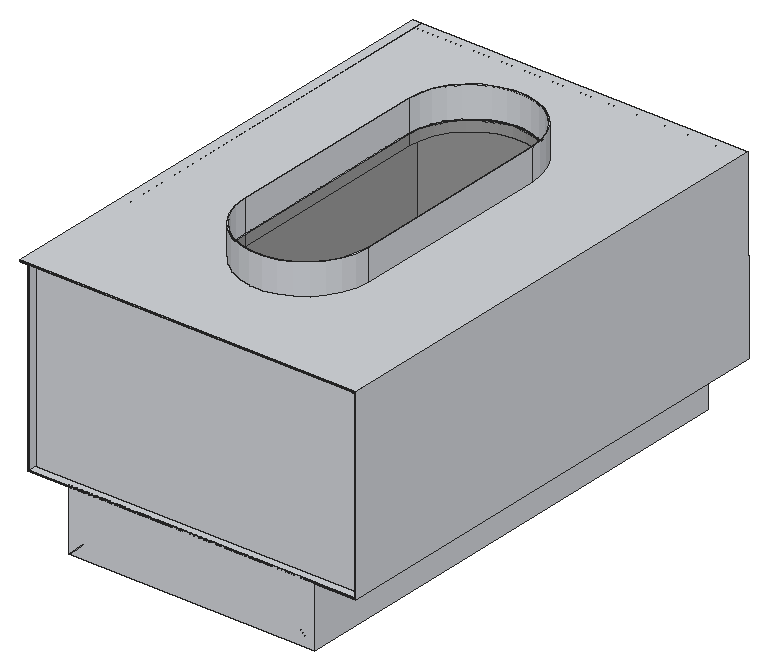
Revit family "Plenum (P-N, P-L) (Arrangement G) (Oval Inlet)", category Mechanical Equipment, Revit 2015
Parameters
  Width = 1' - 0"
  URL = "https://unitedenertech.com/catalog/pdf/I_2%20Model%20P-N,%20P-L,%20P-EX,%20P-N-SL,%20P-L-SL,%20P-EX-SL.pdf"
  Type Comments = "Consult Factory for Max. Sizes"
  P-L (Insulation Option) = yes
  Model = "P-N / P-L (Arrangement G) (Oval Inlet)"
  Manufacturer = "United Enertech Corporation"
  Major Axis = 1' - 4"
  Length = 2' - 0"
  Keynote = "Model Shown without Damper Option. Consult Factory for Models with Dampers."
  Minor Axis = 0' - 6"
  Hem Option = yes
  Height = 1' - 0"
  Description = "Plenum for Diffusers"
  C-C [instance] = Major Axis - Minor Axis  # 0' - 10"
  B = 0' - 2"
  A = 0' - 3"
Reference planes (in)
  plane 1 "Center (Front/Back)": y = 0
  plane 2: z = 0
  plane 3 "Center (Left/Right)": x = 0
  plane 4: x = 16
  plane 5: x = -1.5
  plane 6: x = 0.035
  plane 7: x = 15.965
  plane 8: z = 12
  plane 9: z = 11.965
  plane 10: z = 11.93
  plane 11: z = 3
  plane 12: y = 12
  plane 13: y = -12
  plane 14: y = -11.965
  plane 15: y = 11.965
  plane 16: x = -0.375
  plane 17: y = 11.59
  plane 18: y = 11.55484
  plane 19: y = -11.59
  plane 20: y = -11.55484
  plane 21: z = 2.96484
  plane 22: x = 0.07016
  plane 23: x = 15.92984
  plane 24: y = 11.05484
  plane 25: x = 0.57016
  plane 26: x = 15.42984
  plane 27: y = -11.05484
  plane 28: z = 11.43
  plane 29: x = 8
  plane 30: x = 2
  plane 31: x = 14
  plane 32: z = 2.92969
  plane 33: x = 2.03516
  plane 34: x = 13.96484
  plane 35: y = 5
  plane 36: y = -5
  plane 37: y = 8
  plane 38: y = -8
  plane 39: y = 8.03516
  plane 40: y = -8.03516
  plane 41: x = 5
  plane 42: x = 11
  plane 43: x = 4.96484
  plane 44: x = 11.03516
  plane 45: z = 13.5
Forms (in)
  Extrusion 1, solid
    sketch origin (0, 0, 0) x (1, 0, 0) y (0, 0, 1)
      loop
        line (-0.375, 12) -> (-0.375, 11.965) -> (15.965, 11.965) -> (15.965, 2.96484) -> (13.96484, 2.96484) -> (13.96484, 0) -> (14, 0) -> (14, 2.92969) -> (16, 2.92969) -> (16, 12) -> (-0.375, 12)
    from -11.965 to 11.965
  Extrusion 2, solid
    sketch origin (0, 0, 0) x (1, 0, 0) y (0, 0, 1)
      loop
        line (-0.375, 11.965) -> (-0.375, 11.93) -> (0, 11.93) -> (0, 2.92969) -> (2, 2.92969) -> (2, 0) -> (2.03516, 0) -> (2.03516, 2.96484) -> (0.035, 2.96484) -> (0.035, 11.965) -> (-0.375, 11.965)
    from -11.965 to 11.965
  Extrusion 3, solid
    sketch origin (0, 0, 0) x (0, 1, 0) y (0, 0, 1)
      loop
        line (11.965, 11.965) -> (11.55484, 11.965) -> (11.55484, 2.96484) -> (12, 2.96484) -> (12, 3) -> (11.59, 3) -> (11.59, 11.93) -> (11.965, 11.93) -> (11.965, 11.965)
    from 0.035 to 15.965
  Extrusion 4, solid
    sketch origin (0, 0, 0) x (0, 1, 0) y (0, 0, 1)
      loop
        line (-11.965, 11.965) -> (-11.965, 11.93) -> (-11.59, 11.93) -> (-11.59, 3) -> (-12, 3) -> (-12, 2.96484) -> (-11.55484, 2.96484) -> (-11.55484, 11.965) -> (-11.965, 11.965)
    from 0.035 to 15.965
  Extrusion 5, solid
    sketch origin (0, 0, 0) x (1, 0, 0) y (0, 0, 1)
      loop
        line (0.035, 3) -> (0.07016, 3) -> (0.07016, 11.93) -> (0.035, 11.93) -> (0.035, 3)
    from 11.59 to 11.965
  Extrusion 6, solid
    sketch origin (0, 0, 0) x (1, 0, 0) y (0, 0, 1)
      loop
        line (0.035, 3) -> (0.07016, 3) -> (0.07016, 11.93) -> (0.035, 11.93) -> (0.035, 3)
    from -11.965 to -11.59
  Extrusion 7, solid
    sketch origin (0, 0, 0) x (1, 0, 0) y (0, 0, 1)
      loop
        line (15.92984, 3) -> (15.965, 3) -> (15.965, 11.93) -> (15.92984, 11.93) -> (15.92984, 3)
    from 11.59 to 11.965
  Extrusion 8, solid
    sketch origin (0, 0, 0) x (1, 0, 0) y (0, 0, 1)
      loop
        line (15.92984, 3) -> (15.965, 3) -> (15.965, 11.93) -> (15.92984, 11.93) -> (15.92984, 3)
    from -11.965 to -11.59
  Extrusion 9, solid, material "Rigid insulation", visible <- "P-L (Insulation Option)"
    sketch origin (0, 0, 0) x (1, 0, 0) y (0, 0, 1)
      loop
        line (0.07016, 11.43) -> (15.92984, 11.43) -> (15.92984, 11.93) -> (0.07016, 11.93) -> (0.07016, 11.43)
    from -11.55484 to 11.55484
  Extrusion 10, solid, material "Rigid insulation", visible <- "P-L (Insulation Option)"
    sketch origin (0, 0, 0) x (1, 0, 0) y (0, 1, 0)
      loop
        line (0.57016, -11.05484) -> (15.42984, -11.05484) -> (15.42984, 11.05484) -> (0.57016, 11.05484) -> (0.57016, -11.05484)
      loop
        line (0.07016, -11.55484) -> (15.92984, -11.55484) -> (15.92984, 11.55484) -> (0.07016, 11.55484) -> (0.07016, -11.55484)
    from 3 to 11.43
  Extrusion 11, solid, visible <- "Hem Option"
    sketch origin (0, 0, 0) x (1, 0, 0) y (0, 0, 1)
      loop
        line (2.03516, 0) -> (2.74226, 0.70711) -> (2.7174, 0.73197) -> (2.03516, 0.04972) -> (2.03516, 0)
    from -11.965 to 11.965
  Extrusion 12, solid, visible <- "Hem Option"
    sketch origin (0, 0, 0) x (1, 0, 0) y (0, 0, 1)
      loop
        line (13.96484, 0) -> (13.96484, 0.04972) -> (13.2826, 0.73197) -> (13.25774, 0.70711) -> (13.96484, 0)
    from -11.965 to 11.965
  Extrusion 13, solid
    sketch origin (0, 0, 0) x (0, 1, 0) y (0, 0, 1)
      loop
        line (12, 3) -> (11.965, 3) -> (11.965, 0) -> (12, 0) -> (12, 3)
    from 2 to 14
  Extrusion 14, solid
    sketch origin (0, 0, 0) x (0, 1, 0) y (0, 0, 1)
      loop
        line (-11.965, 3) -> (-12, 3) -> (-12, 0) -> (-11.965, 0) -> (-11.965, 3)
    from 2 to 14
  Extrusion 15, void
    sketch origin (0, 0, 0) x (1, 0, 0) y (0, 1, 0)
      loop
        arc (5, -5) -> (8, -8) -> (11, -5) r 3
        line (11, -5) -> (11, 5)
        arc (11, 5) -> (8, 8) -> (5, 5) r 3
        line (5, 5) -> (5, -5)
    from 11.43 to 13.5
  Extrusion 16, solid
    sketch origin (0, 0, 0) x (1, 0, 0) y (0, 1, 0)
      loop
        line (11, -5) -> (11, 5)
        arc (11, 5) -> (8, 8) -> (5, 5) r 3
        line (5, 5) -> (5, -5)
        arc (5, -5) -> (8, -8) -> (11, -5) r 3
      loop
        arc (11.03516, 5) -> (8, 8.03516) -> (4.96484, 5) r 3.03516
        line (4.96484, 5) -> (4.96484, -5)
        arc (4.96484, -5) -> (8, -8.03516) -> (11.03516, -5) r 3.03516
        line (11.03516, -5) -> (11.03516, 5)
    from 13.5 to 12
Cuts and joins
  Extrusion 15 cuts Extrusion 1
  Extrusion 15 cuts Extrusion 9
Dimensions and locks (in)
  locked: plane 5 to plane 3 "Center (Left/Right)" at 1.5
  locked: plane 3 "Center (Left/Right)" to plane 6 at 0.035
  locked: plane 7 to plane 4 at 0.035
  locked: plane 8 to plane 9 at 0.035
  locked: plane 9 to plane 10 at 0.035
  "Height": plane 8 to level
  "A": plane 11 to level
  equal spacing: plane 12, plane 1 "Center (Front/Back)", plane 13
  "Length": plane 12 to plane 13
  locked: plane 14 to plane 13 at 0.035
  locked: plane 15 to plane 12 at 0.035
  locked: plane 3 "Center (Left/Right)" to plane 16 at 0.375
  locked: plane 15 to plane 17 at 0.375
  locked: plane 17 to plane 18 at 0.03516
  locked: plane 19 to plane 14 at 0.375
  locked: plane 20 to plane 19 at 0.03516
  locked: plane 11 to plane 21 at 0.03516
  locked: plane 22 to plane 6 at 0.03516
  locked: plane 23 to plane 7 at 0.03516
  locked: plane 18 to plane 24 at 0.5
  locked: plane 22 to plane 25 at 0.5
  locked: plane 26 to plane 23 at 0.5
  locked: plane 27 to plane 20 at 0.5
  locked: plane 10 to plane 28 at 0.5
  locked: Extrusion 11 sketch curve to Extrusion 11 sketch curve at 1
  locked: Extrusion 12 sketch curve to Extrusion 12 sketch curve at 1
  equal spacing: plane 4, plane 29, plane 3 "Center (Left/Right)"
  equal spacing: plane 31, plane 29, plane 30
  "Width": plane 31 to plane 30
  "B": plane 30 to plane 3 "Center (Left/Right)"
  locked: plane 21 to plane 32 at 0.03516
  locked: plane 33 to plane 30 at 0.03516
  locked: plane 31 to plane 34 at 0.03516
  equal spacing: plane 35, plane 1 "Center (Front/Back)", plane 36
  "C-C": plane 35 to plane 36
  equal spacing: plane 37, plane 1 "Center (Front/Back)", plane 38
  "Major Axis": plane 37 to plane 38
  locked: plane 39 to plane 37 at 0.03516
  locked: plane 38 to plane 40 at 0.03516
  equal spacing: plane 41, plane 29, plane 42
  "Minor Axis": plane 41 to plane 42
  locked: plane 43 to plane 41 at 0.03516
  locked: plane 42 to plane 44 at 0.03516
  locked: plane 45 to plane 8 at 1.5
  locked: level to Extrusion 11 sketch curve (angle 45.00°)
  locked: Extrusion 12 sketch curve to level (angle 45.00°)
  aligned and locked: level to plane 2
  aligned and locked: plane 16 to Extrusion 1 sketch curve
  aligned and locked: Extrusion 1 sketch curve to plane 8
  aligned and locked: plane 4 to Extrusion 1 sketch curve
  aligned and locked: Extrusion 1 sketch curve to plane 7
  aligned and locked: plane 9 to Extrusion 1 sketch curve
  aligned and locked: Extrusion 1 to plane 15
  aligned and locked: Extrusion 1 to plane 14
  aligned and locked: Extrusion 2 sketch curve to plane 9
  aligned and locked: plane 16 to Extrusion 2 sketch curve
  aligned and locked: plane 10 to Extrusion 2 sketch curve
  aligned and locked: Extrusion 2 sketch curve to plane 6
  aligned and locked: plane 3 "Center (Left/Right)" to Extrusion 2 sketch curve
  aligned and locked: Extrusion 2 to plane 14
  aligned and locked: Extrusion 2 to plane 15
  aligned and locked: Extrusion 3 sketch curve to plane 9
  aligned and locked: plane 15 to Extrusion 3 sketch curve
  aligned and locked: plane 10 to Extrusion 3 sketch curve
  aligned and locked: Extrusion 3 sketch curve to plane 12
  aligned and locked: plane 21 to Extrusion 3 sketch curve
  aligned and locked: Extrusion 3 sketch curve to plane 11
  aligned and locked: plane 17 to Extrusion 3 sketch curve
  aligned and locked: Extrusion 3 sketch curve to plane 18
  aligned and locked: Extrusion 3 to plane 6
  aligned and locked: Extrusion 3 to plane 7
  aligned and locked: plane 9 to Extrusion 4 sketch curve
  aligned and locked: Extrusion 4 sketch curve to plane 14
  aligned and locked: Extrusion 4 sketch curve to plane 10
  aligned and locked: Extrusion 4 sketch curve to plane 13
  aligned and locked: Extrusion 4 sketch curve to plane 21
  aligned and locked: plane 11 to Extrusion 4 sketch curve
  aligned and locked: Extrusion 4 sketch curve to plane 19
  aligned and locked: plane 20 to Extrusion 4 sketch curve
  aligned and locked: Extrusion 4 to plane 6
  aligned and locked: Extrusion 4 to plane 7
  aligned and locked: plane 10 to Extrusion 5 sketch curve
  aligned and locked: Extrusion 5 sketch curve to plane 6
  aligned and locked: plane 22 to Extrusion 5 sketch curve
  aligned and locked: Extrusion 5 sketch curve to plane 11
  aligned and locked: Extrusion 6 to plane 15
  aligned and locked: plane 17 to Extrusion 6
  aligned and locked: plane 19 to Extrusion 5
  aligned and locked: Extrusion 5 to plane 14
  aligned and locked: Extrusion 7 sketch curve to plane 11
  aligned and locked: Extrusion 7 sketch curve to plane 7
  aligned and locked: Extrusion 7 sketch curve to plane 23
  aligned and locked: plane 10 to Extrusion 7 sketch curve
  aligned and locked: Extrusion 8 to plane 15
  aligned and locked: plane 17 to Extrusion 8
  aligned and locked: Extrusion 7 to plane 14
  aligned and locked: plane 19 to Extrusion 7
  aligned and locked: plane 10 to Extrusion 9 sketch curve
  aligned and locked: plane 23 to Extrusion 9 sketch curve
  aligned and locked: Extrusion 9 sketch curve to plane 22
  aligned and locked: Extrusion 9 sketch curve to plane 28
  aligned and locked: Extrusion 9 to plane 20
  aligned and locked: Extrusion 9 to plane 18
  aligned and locked: Extrusion 10 sketch curve to plane 22
  aligned and locked: Extrusion 10 sketch curve to plane 18
  aligned and locked: plane 23 to Extrusion 10 sketch curve
  aligned and locked: Extrusion 10 sketch curve to plane 20
  aligned and locked: Extrusion 10 sketch curve to plane 27
  aligned and locked: Extrusion 10 sketch curve to plane 25
  aligned and locked: plane 26 to Extrusion 10 sketch curve
  aligned and locked: plane 24 to Extrusion 10 sketch curve
  aligned and locked: Extrusion 10 to plane 11
  aligned and locked: Extrusion 10 to plane 28
  aligned and locked: level to Extrusion 11 sketch curve
  aligned and locked: Extrusion 11 to plane 14
  aligned and locked: Extrusion 11 to plane 15
  aligned and locked: level to Extrusion 12 sketch curve
  aligned and locked: Extrusion 12 to plane 15
  aligned and locked: Extrusion 12 to plane 14
  aligned and locked: plane 21 to Extrusion 2 sketch curve
  aligned and locked: Extrusion 2 sketch curve to plane 32
  aligned and locked: Extrusion 2 sketch curve to plane 30
  aligned and locked: Extrusion 2 sketch curve to level
  aligned and locked: Extrusion 2 sketch curve to plane 33
  aligned and locked: Extrusion 11 sketch curve to plane 33
  aligned and locked: plane 34 to Extrusion 12 sketch curve
  aligned and locked: Extrusion 1 sketch curve to plane 32
  aligned and locked: Extrusion 1 sketch curve to plane 21
  aligned and locked: level to Extrusion 1 sketch curve
  aligned and locked: plane 34 to Extrusion 1 sketch curve
  aligned and locked: Extrusion 1 sketch curve to plane 31
  aligned and locked: Extrusion 13 sketch curve to level
  aligned and locked: plane 15 to Extrusion 13 sketch curve
  aligned and locked: Extrusion 13 sketch curve to plane 11
  aligned and locked: plane 12 to Extrusion 13 sketch curve
  aligned and locked: Extrusion 13 to plane 30
  aligned and locked: plane 31 to Extrusion 13
  aligned and locked: plane 11 to Extrusion 14 sketch curve
  aligned and locked: plane 14 to Extrusion 14 sketch curve
  aligned and locked: Extrusion 14 sketch curve to level
  aligned and locked: Extrusion 14 sketch curve to plane 13
  aligned and locked: Extrusion 14 to plane 30
  aligned and locked: plane 31 to Extrusion 14
  aligned and locked: plane 35 to Extrusion 15 sketch curve  (x2)
  aligned and locked: plane 36 to Extrusion 15 sketch curve  (x2)
  aligned and locked: Extrusion 15 sketch curve to plane 41
  aligned and locked: plane 42 to Extrusion 15 sketch curve
  aligned and locked: plane 35 to Extrusion 16 sketch curve  (x4)
  aligned and locked: plane 36 to Extrusion 16 sketch curve  (x4)
  aligned and locked: Extrusion 16 sketch curve to plane 42
  aligned and locked: Extrusion 16 sketch curve to plane 44
  aligned and locked: plane 41 to Extrusion 16 sketch curve
  aligned and locked: plane 43 to Extrusion 16 sketch curve
  aligned and locked: plane 28 to Extrusion 15
  aligned and locked: plane 45 to Extrusion 15
  aligned and locked: Extrusion 16 to plane 8
  aligned and locked: plane 45 to Extrusion 16
Automatic sketch dimensions
  Extrusion 6 sketch curve to plane 6 = 0' - 0"
  Extrusion 6 sketch curve to plane 10 = 0' - 0"
  Extrusion 6 sketch curve to plane 22 = 0' - 0"
  Extrusion 6 sketch curve to plane 11 = 0' - 0"
  Extrusion 8 sketch curve to plane 10 = 0' - 0"
  Extrusion 8 sketch curve to plane 23 = 0' - 0"
  plane 7 to Extrusion 8 sketch curve = 0' - 0"
  Extrusion 8 sketch curve to plane 11 = 0' - 0"
  Extrusion 11 sketch curve to Extrusion 11 sketch curve = 0' - 0.02486"
  Extrusion 12 sketch curve to Extrusion 12 sketch curve = 0' - 0.02486"
